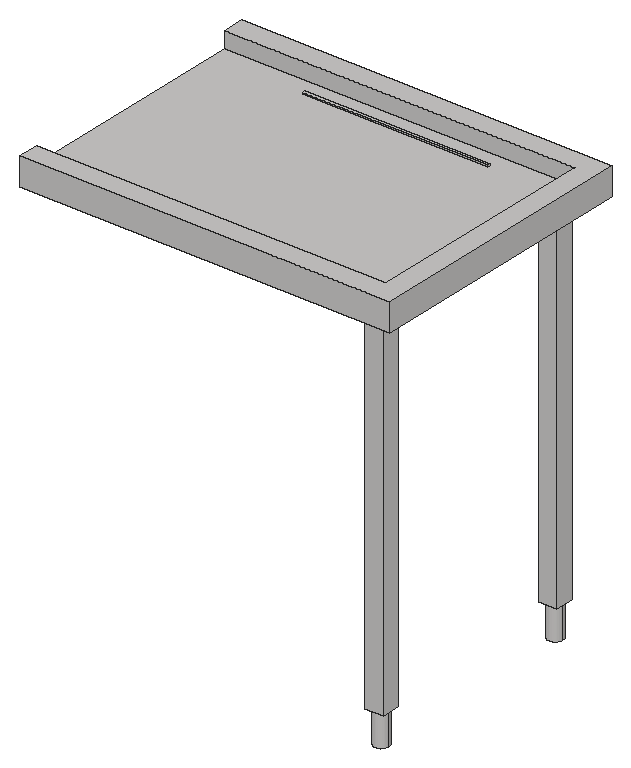
Revit family "QF_ELECTROLUXPROFESSIONAL_865263_BHHLU08", category Attrezzature speciali, Revit 2020
Family settings
  Quota connettore circolare = Usa diametro
  Tipo di parte = Normale
  Basato su piano di lavoro = No
  Sempre verticale = Sì
  Taglio con vuoti quando caricato = No
  Condiviso = No
  Punto di calcolo locali = No
Parameters (values of type "Standard")
  Weight = 6.00 kg
  Watts = 0 W
  Volts = 0 V
  URL Manufacturer = "https://www.electroluxprofessional.com/"
  URL = "https://www.electroluxprofessional.com/"
  Steam Supply Size = 0 mm
  Steam Supply Minimum Pressure = 0.0 Pa
  Steam Supply Maximum Pressure = 0.0 Pa
  Steam Consumption per Hour = 0
  Refrigeration Suction Line Size = 0 mm
  Refrigeration Liquid Line Size = 0 mm
  Refrigerant Compressor Remote = yes
  Prospetto di default = 0 mm
  Produttore = "Electrolux Professional"
  Phase = 0
  Modello = "BHHLU08"
  Length Actual = 800 mm  # constant formula
  Item Number = "865263"
  Hot Water Size = 0 mm
  Height Actual = 910 mm  # constant formula
  HP = "0 HP"
  Gas Size = 0 mm
  Gas KW = 0
  Gas Input Pressure = 0 W
  Direct Waste Size = 0 mm
  Descrizione = "DW TABLE UNLOADING&LOAD.-HOOD TYPE 800MM"
  Depth Actual = 600 mm  # constant formula
  Cycle = 0 Hz
  Condensate Return Size = 0 mm
  Compressed Air Volume = 0.0 L/s
  Compressed Air Size = 0 mm
  Compressed Air Pressure = 0.0 Pa
  Cold Water Size = 0 mm
  Accessory = yes
Reference planes
  plane 1 "Back": y = 0
  plane 2: z = 0
  plane 3 "Left": x = 0
Forms (mm)
  Extrusion 1, solid, material "QF_Finishes_Stainless Steel"
    sketch origin (0, 0, 704.604) x (1, 0, 0) y (0, 1, 0)
      loop
        line (0, 0) -> (0, -600) -> (800, -600) -> (800, 0) -> (0, 0)
    from 145.396 to 205.396
  Extrusion 2, void
    sketch origin (0, 0, 0.958) x (1, 0, 0) y (0, 1, 0)
      loop
        line (0, -45) -> (0, -555) -> (755, -555) -> (755, -45) -> (0, -45)
    from 874.042 to 909.042
  Extrusion 3, solid, material "QF_Finishes_Stainless Steel"
    sketch origin (20, 0, 150) x (1, 0, 0) y (0, 1, 0)
      loop
        line (730, -45) -> (690, -45) -> (690, -85) -> (730, -85) -> (730, -45)
    from -80 to 700
  Extrusion 4, solid, material "QF_Finishes_Stainless Steel"
    sketch origin (20, -470, 129.575) x (1, 0, 0) y (0, 1, 0)
      loop
        line (730, -45) -> (690, -45) -> (690, -85) -> (730, -85) -> (730, -45)
    from -59.575 to 720.425
  Extrusion 5, solid, material "QF_Finishes_Stainless Steel"
    sketch origin (20, 0, 0) x (1, 0, 0) y (0, 1, 0)
      loop
        circle (710, -65) r 16
    from 0 to 70
  Extrusion 6, solid, material "QF_Finishes_Stainless Steel"
    sketch origin (20, -470, 0) x (1, 0, 0) y (0, 1, 0)
      loop
        circle (710, -65) r 16
    from 0 to 70
  Extrusion 7, solid, material "QF_Finishes_Stainless Steel"
    sketch origin (52.954, 0, 0) x (1, 0, 0) y (0, 1, 0)
      loop
        line (147.046, -80.302) -> (147.046, -85.302) -> (547.046, -85.302) -> (547.046, -80.302) -> (147.046, -80.302)
    from 875 to 878
  Extrusion 8, solid, material "QF_Finishes_Stainless Steel"
    sketch origin (52.954, -600, 0) x (1, 0, 0) y (0, 1, 0)
      loop
        line (147.046, 80.302) -> (547.046, 80.302) -> (547.046, 85.302) -> (147.046, 85.302) -> (147.046, 80.302)
    from 875 to 878
Cuts and joins
  Extrusion 2 cuts Extrusion 1
Dimensions and locks
  Extrusion 1 to Extrusion 1 = 60 mm
  equal spacing: Extrusion 1, Extrusion 2 sketch curve, Extrusion 2 sketch curve, Extrusion 1
  equal spacing: Extrusion 1, Extrusion 2 sketch curve, Extrusion 1
  Extrusion 2 to Extrusion 2 = 35 mm
  Extrusion 2 to level = 910 mm
  Extrusion 2 to Extrusion 1 = 800 mm
  Extrusion 1 to Extrusion 1 = 600 mm
  aligned and locked: level to plane 2
